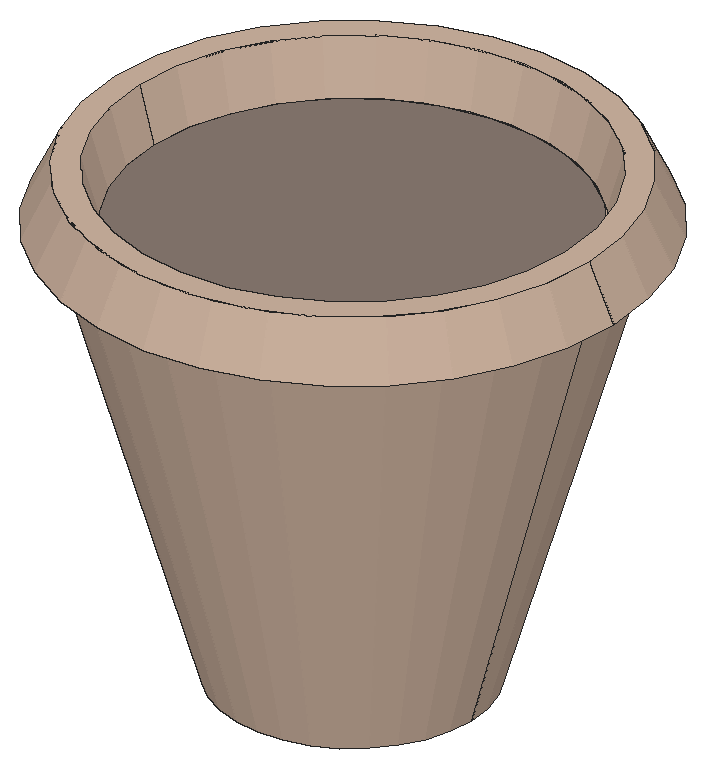
Revit family "1022-Round plant pot", category Furniture, Revit 2016
Family settings
  Work Plane-Based = No
  Always vertical = Yes
  Cut with Voids When Loaded = No
  Shared = No
  Room Calculation Point = No
Reference planes (in)
  plane 1 "Center F/B": y = 0
  plane 2: z = 0
  plane 3 "Center L/R": x = 0
Forms (in)
  Blend 1, solid, material "FlowerPot"
    base sketch origin (0, 0, 0) x (1, 0, 0) y (0, 1, 0)
      loop
        circle (0, 0) r 5
    top sketch origin (0, 0, 0) x (1, 0, 0) y (0, 1, 0)
      loop
        circle (0, 0) r 10
    from -2.90507 to 14.15408
  Blend 2, solid, material "FlowerPot"
    base sketch origin (0, 0, 0) x (1, 0, 0) y (0, 1, 0)
      loop
        circle (0, 0) r 10
    top sketch origin (0, 0, 0) x (1, 0, 0) y (0, 1, 0)
      loop
        circle (0, 0) r 11
    from 16.20802 to 14.15408
  Blend 3, void
    base sketch origin (0, 0, 0) x (1, 0, 0) y (0, 1, 0)
      loop
        circle (0, 0) r 9
    top sketch origin (0, 0, 0) x (1, 0, 0) y (0, 1, 0)
      loop
        circle (0, 0) r 4
    from 16.20802 to -1.1011
  Blend 4, solid, material "FlowerPotDirt"
    base sketch origin (0, 0, 0) x (1, 0, 0) y (0, 1, 0)
      loop
        circle (0, 0) r 9
    top sketch origin (0, 0, 0) x (1, 0, 0) y (0, 1, 0)
      loop
        circle (0, 0) r 5
    from 14.15408 to 6.18491
Cuts and joins
  Blend 3 cuts Blend 1
  Blend 3 cuts Blend 2
Dimensions and locks (in)
  aligned: cut or joined group of Blend 1, Blend 3 to Blend 4
